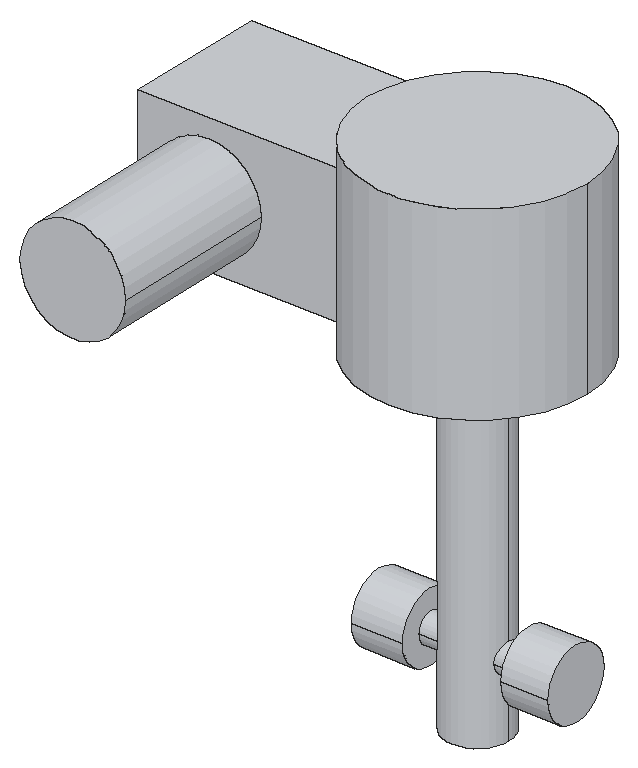
Revit family "M_Válvula solenóide - 6-10 mm", category Acessórios do tubo, Revit 2019
Family settings
  Cota do conector redondo = Usar raio
  Tipo de parte = Válvula - Quebra entre
  Número OmniClass = 23.65.55.14.17
  Título OmniClass = Adjusting/Controlling Valves for Liquid Services
  ID de item do Seek = Solenoid Valve - 6-10 mm-0000-CAN-ENU
  Com base no plano de trabalho = Não
  Sempre na vertical = Sim
  Corte com vazios quando carregada = Não
  Compartilhado = Não
Parameters (values of type "6 mm")
  Material da válvula = none
  Raio externo = Diâmetro externo / 2  # 3 mm
  Diâmetro externo = 6 mm
  Raio nominal = 3 mm
  Diâmetro nominal = 2 * Raio nominal  # 6 mm
  K Coefficient = 0.41
  Raio da flange = Diâmetro da flange / 2  # 7 mm
  Diâmetro da flange = 14 mm
Types (3, lengths in mm): name | Raio externo | Diâmetro externo | Raio nominal | Diâmetro nominal | K Coefficient | Raio da flange | Diâmetro da flange
  (no name) | 3 | 6 | 3 | 6 | 0.41 | 7 | 14
  6 mm | 3 | 6 | 3 | 6 | 0.41 | 7 | 14
  10 mm | 5 | 10 | 5 | 10 | 1.36 | 9 | 18
Reference planes
  plane 1 "Centro (Frente/Trás)": y = 0
  plane 2: z = 0
  plane 3 "Centro (Esquerda/Direita)": x = 0
  plane 4: x = 10.319
  plane 5: x = -57.15
  plane 6: x = -42.862
  plane 7: x = -9.525
  plane 8: x = 19.844
  plane 9: z = -15.081
  plane 10: z = 53.181
  plane 11: z = 91.281
  plane 12: z = 72.231
  plane 13: y = -48.419
  plane 14: z = 11.457
  plane 15: x = -19.844
  plane 16: z = 31.844
Forms (mm)
  Extrusion 1, solid, material <- "Material da válvula", detail levels fine
    sketch origin (0, 0, 0) x (0, 1, 0) y (0, 0, 1)
      loop
        circle (0, 0) r 7
    from 19.844 to 10.319
  Extrusion 2, solid, material <- "Material da válvula", detail levels fine
    sketch origin (0, 0, 0) x (0, 1, 0) y (0, 0, -1)
      loop
        circle (0, 0) r 7
    from 19.844 to 9.525
  Extrusion 3, solid, material <- "Material da válvula", detail levels fine
    sketch origin (-20.637, 0, 0) x (0, 1, 0) y (0, 0, 1)
      loop
        circle (0, 0) r 3
    from 30.956 to 11.112
  Extrusion 4, solid, material <- "Material da válvula", detail levels fine
    sketch origin (0, 0, 0) x (1, 0, 0) y (0, 1, 0)
      loop
        circle (0, 0) r 6.35
    from -15.081 to 53.181
  Extrusion 5, solid, material <- "Material da válvula", detail levels fine
    sketch origin (0, 0, 0) x (1, 0, 0) y (0, 1, 0)
      loop
        circle (0, 0) r 22.225
    from 53.181 to 91.281
  Extrusion 6, solid, material <- "Material da válvula", detail levels fine
    sketch origin (0, 1.075, 0.87) x (0, 1, 0) y (0, 0, 1)
      loop
        line (13.425, 85.648) -> (-15.363, 85.648) -> (-15.363, 57.852) -> (13.425, 57.852) -> (13.425, 85.648)
    from 0 to -57.15
  Extrusion 7, solid, material <- "Material da válvula", detail levels fine
    sketch origin (0, 0, 0) x (1, 0, 0) y (0, 0, 1)
      loop
        circle (-42.863, 72.231) r 10.64
    from 0 to 48.419
Cuts and joins
  joined: Extrusion 3, Extrusion 4
  joined: Extrusion 5, Extrusion 6, Extrusion 7
Lines and regions (mm)
  model lines, detail levels coarse+medium
    curve 1: line (0, 0, 0) -> (19.844, 0, 11.457)
    curve 2: line (0, 0, 0) -> (19.844, 0, -11.457)
    curve 3: line (0, 0, 0) -> (-19.844, 0, 11.457)
    curve 4: line (0, 0, 0) -> (-19.844, 0, -11.457)
    curve 5: line (19.844, 0, 11.457) -> (19.844, 0, -11.457)
    curve 6: line (-19.844, 0, 11.457) -> (-19.844, 0, -11.457)
    curve 7: line (-19.844, 0, 53.181) -> (19.844, 0, 53.181)
    curve 8: arc (-0.794, 0, 35.814) -> (-3.737, 0, 42.587) -> (3.035, 0, 39.642) r 3.969
    curve 9: arc (-0.794, 0, 35.814) -> (2.15, 0, 29.042) -> (-4.623, 0, 31.984) r 3.969
    curve 10: line (19.844, 0, 18.355) -> (-19.844, 0, 18.355)
    curve 11: line (19.844, 0, 53.181) -> (19.844, 0, 18.355)
    curve 12: line (-19.844, 0, 53.181) -> (-19.844, 0, 18.355)
    curve 13: line (0, 0, 0) -> (0, 0, 18.355)
Dimensions and locks
  plane 4 to plane 3 "Centro (Esquerda/Direita)" = 10.319 mm
  locked: plane 2 to plane 9 at 15.081
  locked: plane 10 to plane 2 at 53.181
  locked: plane 11 to plane 10 at 38.1
  equal spacing: plane 11, plane 12, plane 10
  locked: plane 1 "Centro (Frente/Trás)" to Extrusion 6 at 14.287
  locked: Extrusion 6 to plane 1 "Centro (Frente/Trás)" at 14.5
  plane 12 to Extrusion 6 = 13.509 mm
  Extrusion 6 to plane 12 = 14.288 mm
  locked: plane 1 "Centro (Frente/Trás)" to plane 13 at 48.419
  "Raio da flange": radius of Extrusion 1 sketch curve
  "Raio da flange": radius of Extrusion 2 sketch curve
  "Raio externo": radius of Extrusion 3 sketch curve
  radius of Extrusion 4 sketch curve = 6.35 mm
  aligned and locked: plane 1 "Centro (Frente/Trás)" to Extrusion 1 sketch curve
  aligned and locked: plane 2 to Extrusion 1 sketch curve
  aligned and locked: plane 4 to Extrusion 1
  aligned and locked: plane 8 to Extrusion 1
  aligned and locked: plane 1 "Centro (Frente/Trás)" to Extrusion 3 sketch curve
  aligned and locked: level to Extrusion 3 sketch curve
  aligned and locked: plane 2 to Extrusion 2 sketch curve
  aligned and locked: plane 1 "Centro (Frente/Trás)" to Extrusion 2 sketch curve
  aligned and locked: plane 4 to Extrusion 3
  aligned and locked: Extrusion 3 to plane 7
  aligned and locked: plane 7 to Extrusion 2
  aligned and locked: Extrusion 4 to plane 9
  aligned and locked: plane 10 to Extrusion 4
  aligned and locked: plane 3 "Centro (Esquerda/Direita)" to Extrusion 5 sketch curve
  aligned and locked: Extrusion 5 to plane 10
  aligned and locked: plane 11 to Extrusion 5
  aligned and locked: plane 3 "Centro (Esquerda/Direita)" to Extrusion 6
  aligned and locked: Extrusion 6 to plane 5
  aligned and locked: plane 6 to Extrusion 7 sketch curve
  aligned and locked: plane 12 to Extrusion 7 sketch curve
  aligned and locked: Extrusion 7 to plane 13
  aligned and locked: plane 3 "Centro (Esquerda/Direita)" to curve 2
  aligned and locked: plane 2 to curve 2
  aligned and locked: plane 8 to curve 2
  aligned and locked: curve 5 to plane 8
  aligned and locked: curve 11 to plane 8
  aligned and locked: curve 12 to plane 15
Automatic sketch dimensions
  Extrusion 4 sketch curve to plane 1 "Centro (Frente/Trás)" = 0 mm
  Extrusion 4 sketch curve to plane 3 "Centro (Esquerda/Direita)" = 0 mm
  Extrusion 5 sketch curve to plane 1 "Centro (Frente/Trás)" = 0 mm
  Extrusion 6 sketch curve to plane 11 = 4.763 mm
  plane 1 "Centro (Frente/Trás)" to Extrusion 6 sketch curve = 14.288 mm
  plane 10 to Extrusion 6 sketch curve = 5.541 mm
  Extrusion 6 sketch curve to plane 1 "Centro (Frente/Trás)" = 14.5 mm
  curve 4 to plane 15 = 0 mm
  curve 6 to plane 14 = 0 mm
  curve 1 to plane 14 = 0 mm
  curve 7 to plane 10 = 0 mm
  plane 16 to curve 9 = 0.14 mm
  curve 9 to plane 3 "Centro (Esquerda/Direita)" = 4.623 mm
  curve 8 to plane 3 "Centro (Esquerda/Direita)" = 0.931 mm
  curve 9 to plane 3 "Centro (Esquerda/Direita)" = 0.794 mm
  curve 8 to curve 9 = 0 mm
  plane 16 to curve 9 = 0.004 mm
  curve 9 to plane 3 "Centro (Esquerda/Direita)" = 0.656 mm
  plane 3 "Centro (Esquerda/Direita)" to curve 8 = 3.035 mm
  plane 9 to curve 4 = 3.624 mm
  plane 9 to curve 2 = 3.624 mm
  curve 12 to plane 14 = 6.899 mm
  radius of Extrusion 7 sketch curve = 10.64 mm
  radius of Extrusion 5 sketch curve = 22.225 mm
Connectors
  piping at (-19.844, 0, 0), diameter 6, driven by "Raio nominal"
    settings: on Extrusion 2, index 1, connector inside diameter 6 mm, connector length 0 mm, flow factor 0, pipe flow 0.0 L/s, pressure drop 0.0 Pa, fitting loss kfactor 0, connector angle 0.00°, fixture units 0, engagement length 0 mm, angle of deflection 0.00°, flow configuration 0, flow direction 0, fitting loss method 2, system type 29, joint type 0, gender type 0, connector reference index 2, connector utility 0, adjustable connector no, is connector primary yes, connector description ""
  piping at (19.844, 0, 0), diameter 6, driven by "K Coefficient", driven by "Raio nominal"
    settings: on Extrusion 1, index 2, connector inside diameter 6 mm, connector length 0 mm, flow factor 0, pipe flow 0.0 L/s, pressure drop 0.0 Pa, fitting loss kfactor 0.41, connector angle 0.00°, fixture units 0, engagement length 0 mm, angle of deflection 0.00°, flow configuration 0, flow direction 0, fitting loss method 2, system type 29, joint type 0, gender type 0, connector reference index 1, connector utility 0, adjustable connector no, is connector primary no, connector description ""
  electrical at (-57.15, 0.106, 72.621)
    settings: on cut or joined group of Extrusion 5, Extrusion 6, Extrusion 7, index 3, voltage 0 V, apparent load 0 VA, apparent load phase1 0 VA, apparent load phase2 0 VA, apparent load phase3 0 VA, power factor 1, load classification "Outros", number of poles 1, system type 13, power factor state 1, is connector primary yes, connector utility no, sub classification motor no, connector description ""
